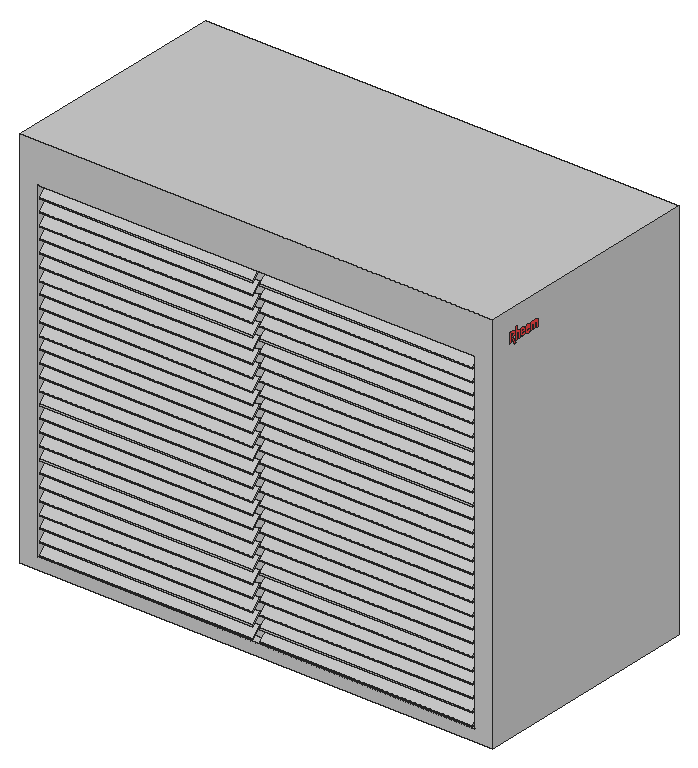
Revit family (continued)
Definition of nested family "Rheem Logo"
  Forms (mm)
    Extrusion 2, solid, material "Rheem - Red"
      sketch origin (0, 0, 0) x (1, 0, 0) y (0, 1, 0)
        loop
          arc (-31.586, 12.168) -> (-27.821, 13.513) -> (-25.921, 17.03) r 5.582
          arc (-25.921, 17.03) -> (-25.719, 18.742) -> (-25.921, 20.454) r 7.357
          arc (-25.921, 20.454) -> (-28.207, 24.104) -> (-32.234, 25.629) r 6.75
          line (-32.234, 25.629) -> (-41.894, 25.629) -> (-41.894, 1.214)
        loop
          line (-23.226, 1.185) -> (-19.437, 1.185) -> (-19.437, 13.012)
          arc (-19.437, 13.012) -> (-19.128, 14.152) -> (-18.458, 15.124) r 3.499
          arc (-18.458, 15.124) -> (-15.383, 15.705) -> (-13.789, 13.012) r 2.726
          line (-13.789, 13.012) -> (-13.789, 1.24) -> (-10.243, 1.24) -> (-10.243, 15.292)
          arc (-10.243, 15.292) -> (-11.786, 18.511) -> (-15.149, 19.709) r 4.688
          arc (-15.149, 19.709) -> (-17.647, 19.107) -> (-19.481, 17.308) r 4.826
          line (-19.481, 17.308) -> (-19.481, 30.829) -> (-23.226, 30.829) -> (-23.226, 1.185)
        loop
          line (23.175, 1.163) -> (26.995, 1.163) -> (26.995, 13.552)
          spline (26.995, 13.552) -> (27.371, 14.564) -> (27.804, 15.069) -> (28.281, 15.418) -> (28.811, 15.632) -> (29.379, 15.725) -> (29.95, 15.717) -> (30.497, 15.616) -> (30.99, 15.417) -> (31.391, 15.11) -> (31.695, 14.668) -> (31.964, 14.008) -> (32.183, 12.765)
          line (32.183, 12.765) -> (32.183, 1.163) -> (35.718, 1.163) -> (35.718, 13.552)
          spline (35.718, 13.552) -> (36.109, 14.517) -> (36.554, 15.006) -> (37.052, 15.326) -> (37.59, 15.559) -> (38.152, 15.707) -> (38.721, 15.73) -> (39.268, 15.631) -> (39.76, 15.428) -> (40.161, 15.119) -> (40.465, 14.673) -> (40.735, 14.008) -> (40.954, 12.758)
          line (40.954, 12.758) -> (40.954, 1.163) -> (44.476, 1.163) -> (44.476, 15.299)
          spline (44.476, 15.299) -> (43.848, 17.29) -> (43.019, 18.22) -> (42.37, 18.702) -> (41.804, 19.017) -> (41.149, 19.264) -> (40.313, 19.428) -> (39.374, 19.465) -> (38.467, 19.368) -> (37.722, 19.168) -> (37.096, 18.83) -> (36.406, 18.243) -> (35.372, 17.031)
          spline (35.372, 17.031) -> (34.429, 18.123) -> (33.829, 18.62) -> (33.238, 18.972) -> (32.579, 19.243) -> (31.849, 19.438) -> (31.208, 19.538) -> (30.654, 19.537) -> (29.928, 19.446) -> (29.163, 19.24) -> (28.532, 18.893) -> (27.886, 18.393) -> (26.982, 17.161)
          line (26.982, 17.161) -> (26.982, 19.137) -> (23.175, 19.137) -> (23.175, 1.163)
        loop
          line (-4.847, 12.542) -> (2.427, 12.542)
          spline (2.427, 12.542) -> (1.763, 14.183) -> (1.301, 14.891) -> (0.805, 15.438) -> (0.245, 15.904) -> (-0.324, 16.216) -> (-1.038, 16.34) -> (-1.827, 16.292) -> (-2.465, 16.063) -> (-2.917, 15.675) -> (-3.427, 15.167) -> (-4.048, 14.327) -> (-4.847, 12.542)
        loop
          line (-4.9, 9.047) -> (6.017, 9.047)
          spline (6.017, 9.047) -> (5.705, 13.107) -> (4.905, 15.268) -> (3.688, 17.194) -> (1.99, 18.63) -> (-0.152, 19.603) -> (-2.058, 19.605) -> (-4.184, 18.763) -> (-5.86, 17.359) -> (-7.198, 15.418) -> (-8.007, 13.176) -> (-8.32, 10.92) -> (-7.964, 7.03)
          spline (-7.964, 7.03) -> (-6.832, 4.362) -> (-5.715, 2.918) -> (-4.556, 1.919) -> (-3.443, 1.286) -> (-2.241, 0.913) -> (-0.925, 0.787) -> (0.345, 0.947) -> (1.513, 1.391) -> (2.668, 2.062) -> (3.767, 2.962) -> (4.809, 4.177) -> (5.833, 6.548)
          line (5.833, 6.548) -> (2.04, 6.548)
          spline (2.04, 6.548) -> (1.056, 5.131) -> (0.367, 4.642) -> (-0.297, 4.355) -> (-0.96, 4.223) -> (-1.562, 4.241) -> (-2.284, 4.517) -> (-3.007, 4.961) -> (-3.495, 5.411) -> (-3.891, 5.947) -> (-4.296, 6.68) -> (-4.648, 7.691) -> (-4.9, 9.047)
        loop
          line (10.749, 12.229) -> (18.023, 12.229)
          spline (18.023, 12.229) -> (17.358, 13.871) -> (16.897, 14.578) -> (16.4, 15.125) -> (15.841, 15.591) -> (15.271, 15.904) -> (14.557, 16.027) -> (13.768, 15.979) -> (13.131, 15.75) -> (12.679, 15.363) -> (12.168, 14.855) -> (11.547, 14.015) -> (10.749, 12.229)
        loop
          line (10.735, 9.008) -> (21.652, 9.008)
          spline (21.652, 9.008) -> (21.34, 13.068) -> (20.54, 15.228) -> (19.323, 17.155) -> (17.625, 18.591) -> (15.482, 19.564) -> (13.577, 19.566) -> (11.45, 18.724) -> (9.775, 17.319) -> (8.437, 15.379) -> (7.627, 13.137) -> (7.315, 10.881) -> (7.671, 6.991)
          spline (7.671, 6.991) -> (8.803, 4.323) -> (9.919, 2.879) -> (11.079, 1.88) -> (12.192, 1.247) -> (13.394, 0.874) -> (14.71, 0.748) -> (15.98, 0.908) -> (17.147, 1.352) -> (18.303, 2.023) -> (19.402, 2.923) -> (20.444, 4.138) -> (21.468, 6.509)
          line (21.468, 6.509) -> (17.675, 6.509)
          spline (17.675, 6.509) -> (16.691, 5.092) -> (16.002, 4.603) -> (15.338, 4.316) -> (14.675, 4.184) -> (14.073, 4.202) -> (13.351, 4.478) -> (12.627, 4.922) -> (12.14, 5.371) -> (11.743, 5.908) -> (11.339, 6.641) -> (10.986, 7.652) -> (10.735, 9.008)
      from 0 to 2
  Dimensions and locks
    aligned and locked: plane 2 to Extrusion 1
    aligned and locked: level to Extrusion 1
